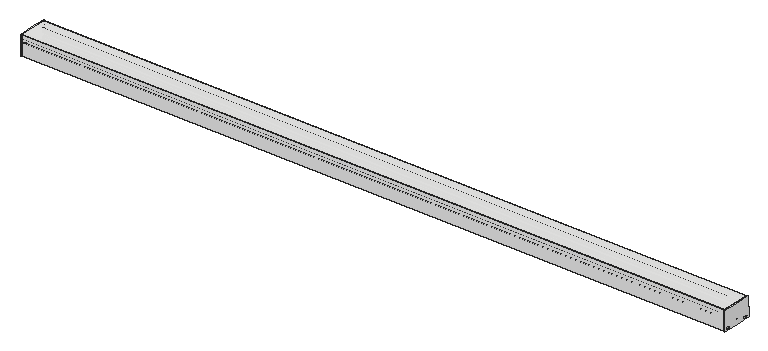
Revit family "S4930 updated", category Lighting Fixtures, host Face, Revit 2020 (continued)
Definition of nested family "DFD3_3000K"
  Parameters (values of type "DFD3")
    Wattage Comments = "4.4 W/FT"
    Watt [instance] = (4.4 W * Actual Light Length) / 12.0000"  # 8.6614 W
    Warranty URL = ""
    Voltage Comments = ""
    Version = "2020-v2.9"  # constant formula
    URL = ""
    Strip = none
    Rdwn [instance] = rounddown(L1 / Cutting Increment)  # 12
    Product Page URL = ""
    Product Name = " DFD3"  # constant formula
    Product Documentation Link = ""
    No of Source [instance] = rounddown(Actual Light Length / Cutting Increment)  # 12
    Model = ""
    Manufacturer Phone Number = "1-604-874-4405"  # constant formula
    Manufacturer Email = ""
    Manufacturer Address = "111 - 8838 Heatner St. Vancouver. BC, Canada. V6P 3S8"  # constant formula
    Manufacturer = "BL Lighting"  # constant formula
    Lumens [instance] = 98 lm/W * Watt  # 848.817 lm
    Lumen Output = "419 lm/FT"
    Light source Placement [instance] = Actual Light Length / 2  # 11.8110"
    Light Length [instance] = 24.0000"
    Lens Material = none
    Lamp Life = "50,000 Hours"
    Lamp = ""
    LED = none
    L1 [instance] = if(Light Length < Cutting Increment, Cutting Increment, Light Length)  # 24.0000"
    Instruction Sheet Link = ""
    Initial Color Option Available = ""
    Finish = none
    Description = "Flexible,Linear LED Strip Lighting"  # constant formula
    Default Elevation = 0.0000"
    D = 0.07812"
    Cutting Increment [instance] = 1.9685"  # constant formula
    Copyright = "©BL INNOVATIVE LIGHTING"  # constant formula
    BL flexFORM Dot-Free D3_1 [instance] = not([BL flexFORM Dot-Free D3])  # no
    BL flexFORM Dot-Free D3 [instance] = if(No of Source < 2, 1 = 0, 1 = 1)  # yes
    Actual No Of Source [instance] = if(No of Source < 2, 2, No of Source)  # 12
    Actual Light Length [instance] = Rdwn * Cutting Increment  # 23.6220"
    A = 0.3900"
  Reference planes (in)
    plane 1 "Center (Front/Back)": y = 0
    plane 2: z = 0
    plane 3 "Center (Left/Right)": x = 0
    plane 4: x = 23.622
    plane 5: y = 18.35094
    plane 6: x = 11.811
    plane 7: z = -0.33465
    plane 8: y = 18.54594
    plane 9: y = 18.15594
    plane 10: x = 1.9685
    plane 11: z = 0.07813
  Dimensions and locks (in)
    "Actual Light Length": plane 4 to plane 3 "Center (Left/Right)"
    "Actual Light Length": plane 3 "Center (Left/Right)" to plane 4
    plane 6 to plane 4 = 11.8110"
    "Light source Placement": plane 6 to plane 4
    locked: plane 1 "Center (Front/Back)" to plane 5 at 18.35094
    locked: level to plane 7 at 0.33465
    "A": plane 8 to plane 9
    equal spacing: plane 8, plane 5, plane 9
    "Cutting Increment": plane 3 "Center (Left/Right)" to plane 10
    locked: plane 10 to plane 3 "Center (Left/Right)" at 1.97
    "D": plane 11 to plane 2
    equal spacing: group 1, group 2, group 3, group 4, group 5, group 6, group 7, group 8, group 9, group 10, group 11, group 12  (x3)
    aligned and locked: level to plane 2
    aligned and locked: nested 1 to plane 2
    aligned and locked: nested 1 to plane 10
    aligned and locked: plane 3 "Center (Left/Right)" to nested 1
    aligned and locked: plane 10 to nested 1
    aligned and locked: plane 10 to nested 2
    aligned and locked: plane 3 "Center (Left/Right)" to nested 3
    aligned and locked: nested 3 to plane 2
    aligned and locked: nested 3 to plane 5
  Nested families (in)
    nested 1: "Increment strip 5" at (0, 18.35094, 0), Height <- "D", Increment <- "Cutting Increment", Width <- "A", LED <- "LED", Strip <- "Strip", BL flexFORM Dot-Free D3 <- "BL flexFORM Dot-Free D3", visible <- "BL flexFORM Dot-Free D3", type "Increment strip 5"
      with Width 0.3900", Strip none, LED none, Increment 1.9685", Height 0.07812", BL flexFORM Dot-Free D3 yes
    nested 2: "Increment strip 5" at (1.9685, 18.35094, 0), Height <- "D", Increment <- "Cutting Increment", Width <- "A", LED <- "LED", Strip <- "Strip", BL flexFORM Dot-Free D3 <- "BL flexFORM Dot-Free D3", visible <- "BL flexFORM Dot-Free D3", type "Increment strip 5"
      with Width 0.3900", Strip none, LED none, Increment 1.9685", Height 0.07812", BL flexFORM Dot-Free D3 yes
    nested 3: "Increment strip 5" at (0, 18.35094, 0), LED <- "LED", Strip <- "Strip", Height <- "D", Increment <- "Cutting Increment", Width <- "A", BL flexFORM Dot-Free D3 <- "BL flexFORM Dot-Free D3_1", visible <- "BL flexFORM Dot-Free D3_1", type "Increment strip 5"
      with Width 0.3900", Strip none, LED none, Increment 1.9685", Height 0.07812", BL flexFORM Dot-Free D3 no
    nested 4: "Increment strip 5" at (3.937, 18.35094, 0), Height <- "D", Increment <- "Cutting Increment", Width <- "A", LED <- "LED", Strip <- "Strip", BL flexFORM Dot-Free D3 <- "BL flexFORM Dot-Free D3", visible <- "BL flexFORM Dot-Free D3", type "Increment strip 5"
      with Width 0.3900", Strip none, LED none, Increment 1.9685", Height 0.07812", BL flexFORM Dot-Free D3 yes
    nested 5: "Increment strip 5" at (5.9055, 18.35094, 0), Height <- "D", Increment <- "Cutting Increment", Width <- "A", LED <- "LED", Strip <- "Strip", BL flexFORM Dot-Free D3 <- "BL flexFORM Dot-Free D3", visible <- "BL flexFORM Dot-Free D3", type "Increment strip 5"
      with Width 0.3900", Strip none, LED none, Increment 1.9685", Height 0.07812", BL flexFORM Dot-Free D3 yes
    nested 6: "Increment strip 5" at (7.874, 18.35094, 0), Height <- "D", Increment <- "Cutting Increment", Width <- "A", LED <- "LED", Strip <- "Strip", BL flexFORM Dot-Free D3 <- "BL flexFORM Dot-Free D3", visible <- "BL flexFORM Dot-Free D3", type "Increment strip 5"
      with Width 0.3900", Strip none, LED none, Increment 1.9685", Height 0.07812", BL flexFORM Dot-Free D3 yes
    nested 7: "Increment strip 5" at (9.8425, 18.35094, 0), Height <- "D", Increment <- "Cutting Increment", Width <- "A", LED <- "LED", Strip <- "Strip", BL flexFORM Dot-Free D3 <- "BL flexFORM Dot-Free D3", visible <- "BL flexFORM Dot-Free D3", type "Increment strip 5"
      with Width 0.3900", Strip none, LED none, Increment 1.9685", Height 0.07812", BL flexFORM Dot-Free D3 yes
    nested 8: "Increment strip 5" at (11.811, 18.35094, 0), Height <- "D", Increment <- "Cutting Increment", Width <- "A", LED <- "LED", Strip <- "Strip", BL flexFORM Dot-Free D3 <- "BL flexFORM Dot-Free D3", visible <- "BL flexFORM Dot-Free D3", type "Increment strip 5"
      with Width 0.3900", Strip none, LED none, Increment 1.9685", Height 0.07812", BL flexFORM Dot-Free D3 yes
    nested 9: "Increment strip 5" at (13.7795, 18.35094, 0), Height <- "D", Increment <- "Cutting Increment", Width <- "A", LED <- "LED", Strip <- "Strip", BL flexFORM Dot-Free D3 <- "BL flexFORM Dot-Free D3", visible <- "BL flexFORM Dot-Free D3", type "Increment strip 5"
      with Width 0.3900", Strip none, LED none, Increment 1.9685", Height 0.07812", BL flexFORM Dot-Free D3 yes
    nested 10: "Increment strip 5" at (15.748, 18.35094, 0), Height <- "D", Increment <- "Cutting Increment", Width <- "A", LED <- "LED", Strip <- "Strip", BL flexFORM Dot-Free D3 <- "BL flexFORM Dot-Free D3", visible <- "BL flexFORM Dot-Free D3", type "Increment strip 5"
      with Width 0.3900", Strip none, LED none, Increment 1.9685", Height 0.07812", BL flexFORM Dot-Free D3 yes
    nested 11: "Increment strip 5" at (17.7165, 18.35094, 0), Height <- "D", Increment <- "Cutting Increment", Width <- "A", LED <- "LED", Strip <- "Strip", BL flexFORM Dot-Free D3 <- "BL flexFORM Dot-Free D3", visible <- "BL flexFORM Dot-Free D3", type "Increment strip 5"
      with Width 0.3900", Strip none, LED none, Increment 1.9685", Height 0.07812", BL flexFORM Dot-Free D3 yes
    nested 12: "Increment strip 5" at (19.685, 18.35094, 0), Height <- "D", Increment <- "Cutting Increment", Width <- "A", LED <- "LED", Strip <- "Strip", BL flexFORM Dot-Free D3 <- "BL flexFORM Dot-Free D3", visible <- "BL flexFORM Dot-Free D3", type "Increment strip 5"
      with Width 0.3900", Strip none, LED none, Increment 1.9685", Height 0.07812", BL flexFORM Dot-Free D3 yes
    nested 13: "Increment strip 5" at (21.6535, 18.35094, 0), Height <- "D", Increment <- "Cutting Increment", Width <- "A", LED <- "LED", Strip <- "Strip", BL flexFORM Dot-Free D3 <- "BL flexFORM Dot-Free D3", visible <- "BL flexFORM Dot-Free D3", type "Increment strip 5"
      with Width 0.3900", Strip none, LED none, Increment 1.9685", Height 0.07812", BL flexFORM Dot-Free D3 yes
  Definition of nested family "Increment strip 5"
    Parameters (values of type "Increment strip 5")
      Width [instance] = 0.39062"
      Strip [instance] = none
      LED [instance] = none
      Increment [instance] = 1.9700"
      Height [instance] = 0.07812"
      Default Elevation = 0.0000"
      BL flexFORM Dot-Free D3 [instance] = yes
    Reference planes (in)
      plane 1 "Center (Front/Back)": y = 0
      plane 2: z = 0
      plane 3 "Center (Left/Right)": x = 0
      plane 4: x = 1.97
      plane 5: y = -0.19531
      plane 6: y = 0.19531
      plane 7: x = 0.15625
      plane 8: x = 1.78125
      plane 9: z = 0.07812
    Forms (in)
      Sweep 1, solid, material <- "Strip", visible <- "BL flexFORM Dot-Free D3"
        path origin (0, 0, 0) x (1, 0, 0) y (0, 1, 0)
          loop
            line (1.97, 0) -> (0, 0)
        profile origin (0.985, 0, 0) x (0, -1, 0) y (0, 0, 1)
          loop
            line (-0.19531, 0.03937) -> (-0.19531, 0) -> (0.19531, 0) -> (0.19531, 0.03937) -> (-0.19531, 0.03937)
      Extrusion 2, solid, material <- "LED", visible <- "BL flexFORM Dot-Free D3"
        sketch origin (0, 0, 0.247) x (1, 0, 0) y (0, 1, 0)
          loop
            line (0, 0.11457) -> (0, -0.11457) -> (1.97, -0.11457) -> (1.97, 0.11457) -> (0, 0.11457)
        from -0.20763 to -0.16887
    Dimensions and locks (in)
      "Increment": plane 3 "Center (Left/Right)" to plane 4
      equal spacing: plane 5, plane 1 "Center (Front/Back)", plane 6
      "Width": plane 5 to plane 6
      equal spacing: Extrusion 2, plane 1 "Center (Front/Back)", Extrusion 2
      "Height": plane 9 to plane 2
      aligned and locked: plane 2 to level
      aligned and locked: Sweep 1 sketch curve to plane 1 "Center (Front/Back)"
      aligned and locked: plane 3 "Center (Left/Right)" to Sweep 1 sketch curve
      aligned and locked: plane 4 to Sweep 1 sketch curve
      aligned and locked: plane 6 to Sweep 1 sketch curve
      aligned and locked: Sweep 1 sketch curve to plane 5
      aligned and locked: Extrusion 2 to Sweep 1
      aligned and locked: Extrusion 2 to plane 9
    Automatic sketch dimensions
      level to Sweep 1 sketch curve = 0.03937"
      Sweep 1 sketch curve to level = 0.0000"
      Extrusion 2 sketch curve to plane 3 "Center (Left/Right)" = 0.0000"
      Extrusion 2 sketch curve to plane 4 = 0.0000"
      plane 1 "Center (Front/Back)" to Extrusion 2 sketch curve = 0.11457"
      Extrusion 2 sketch curve to plane 1 "Center (Front/Back)" = 0.11457"
Definition of nested family "DFD6_2700K"
  Parameters (values of type "DFD6")
    Wattage Comments = "6 W/FT"
    Watt [instance] = (6 W * Actual Light Length) / 12.0000"  # 17.7165 W
    Warranty URL = "https://bllighting.com/terms-and-conditions/"
    Voltage Comments = ""
    Version = "2020-v2.9"  # constant formula
    URL = "https://bllighting.com/"
    Support Email = "mailto:info@canvascom.com"
    Strip = none
    Rdwn [instance] = rounddown(L1 / Cutting Increment)  # 18
    Product Page URL = "https://bllighting.com/our-products/bl-flexform-dot-free-d2/#BL%20flexFORM%20Dot-Free%20D2++%23BL%20flexFORM%20Dot-Free%20D2++"
    Product Name = "D6"  # constant formula
    Product Documentation Link = "https://bllighting.com/wp-content/uploads/DFD2-Specification.pdf"
    No of Source [instance] = rounddown(Actual Light Length / Cutting Increment)  # 18
    Model = "Dot-Free D6"
    Manufacturer Phone Number = "1-604-874-4405"  # constant formula
    Manufacturer Email = "info@bllighting.com"
    Manufacturer Address = "111 - 8838 Heatner St. Vancouver. BC, Canada. V6P 3S8"  # constant formula
    Manufacturer = "BL Lighting"  # constant formula
    Lumens [instance] = 94 lm/W * Watt  # 1665.35 lm
    Lumen Output = "564 lm/FT"
    Light source Placement [instance] = Actual Light Length / 2  # 17.7165"
    Light Length [instance] = 36.0000"
    Lens Material = none
    Lamp Life = "50,000 Hours"
    Lamp = ""
    LED = none
    L1 [instance] = if(Light Length < Cutting Increment, Cutting Increment, Light Length)  # 36.0000"
    Initial Color Option Available = ""
    Finish = none
    Description = "Flexible,Linear LED Strip Lighting"  # constant formula
    Default Elevation = 0.0000"
    DFD6_1 [instance] = not(DFD6)  # no
    DFD6 [instance] = if(No of Source < 2, 1 = 0, 1 = 1)  # yes
    D = 0.07812"
    Cutting Increment [instance] = 1.9685"  # constant formula
    Copyright = "©BL INNOVATIVE LIGHTING"  # constant formula
    Actual No Of Source [instance] = if(No of Source < 2, 2, No of Source)  # 18
    Actual Light Length [instance] = Rdwn * Cutting Increment  # 35.4330"
    A = 0.3900"
  Reference planes (in)
    plane 1 "Center (Front/Back)": y = 0
    plane 2: z = 0
    plane 3 "Center (Left/Right)": x = 0
    plane 4: x = 35.433
    plane 5: y = 18.35094
    plane 6: x = 17.7165
    plane 7: z = -0.33465
    plane 8: y = 18.54594
    plane 9: y = 18.15594
    plane 10: x = 1.9685
    plane 11: z = 0.07813
  Dimensions and locks (in)
    "Actual Light Length": plane 4 to plane 3 "Center (Left/Right)"
    "Actual Light Length": plane 3 "Center (Left/Right)" to plane 4
    plane 6 to plane 4 = 17.7165"
    "Light source Placement": plane 6 to plane 4
    locked: plane 1 "Center (Front/Back)" to plane 5 at 18.35094
    locked: level to plane 7 at 0.33465
    "A": plane 8 to plane 9
    equal spacing: plane 8, plane 5, plane 9
    "Cutting Increment": plane 3 "Center (Left/Right)" to plane 10
    locked: plane 10 to plane 3 "Center (Left/Right)" at 1.97
    "D": plane 11 to plane 2
    equal spacing: group 1, group 2, group 3, group 4, group 5, group 6, group 7, group 8, group 9, group 10, group 11, group 12, group 13, group 14, group 15, group 16, group 17, group 18  (x3)
    aligned and locked: level to plane 2
    aligned and locked: plane 3 "Center (Left/Right)" to nested 1
    aligned and locked: nested 1 to plane 2
    aligned and locked: nested 1 to plane 5
    aligned and locked: nested 2 to plane 5
    aligned and locked: plane 3 "Center (Left/Right)" to nested 2
    aligned and locked: nested 2 to plane 2
    aligned and locked: plane 10 to nested 3
    aligned and locked: nested 3 to plane 5
  Nested families (in)
    nested 1: "Increment strip 5" at (0, 18.35094, 0), LED <- "LED", Strip <- "Strip", Height <- "D", Increment <- "Cutting Increment", Width <- "A", visible <- "DFD6_1", Strip Name <- "DFD6_1", type "Increment strip 5"
      with Width 0.3900", Strip Name no, Strip none, LED none, Increment 1.9685", Height 0.07812"
    nested 2: "Increment strip 5" at (0, 18.35094, 0), visible <- "DFD6", LED <- "LED", Strip <- "Strip", Height <- "D", Increment <- "Cutting Increment", Width <- "A", Strip Name <- "DFD6", type "Increment strip 5"
      with Width 0.3900", Strip Name yes, Strip none, LED none, Increment 1.9685", Height 0.07812"
    nested 3: "Increment strip 5" at (1.9685, 18.35094, 0), visible <- "DFD6", LED <- "LED", Strip <- "Strip", Height <- "D", Increment <- "Cutting Increment", Width <- "A", Strip Name <- "DFD6", type "Increment strip 5"
      with Width 0.3900", Strip Name yes, Strip none, LED none, Increment 1.9685", Height 0.07812"
    nested 4: "Increment strip 5" at (3.937, 18.35094, 0), visible <- "DFD6", LED <- "LED", Strip <- "Strip", Height <- "D", Increment <- "Cutting Increment", Width <- "A", Strip Name <- "DFD6", type "Increment strip 5"
      with Width 0.3900", Strip Name yes, Strip none, LED none, Increment 1.9685", Height 0.07812"
    nested 5: "Increment strip 5" at (5.9055, 18.35094, 0), visible <- "DFD6", LED <- "LED", Strip <- "Strip", Height <- "D", Increment <- "Cutting Increment", Width <- "A", Strip Name <- "DFD6", type "Increment strip 5"
      with Width 0.3900", Strip Name yes, Strip none, LED none, Increment 1.9685", Height 0.07812"
    nested 6: "Increment strip 5" at (7.874, 18.35094, 0), visible <- "DFD6", LED <- "LED", Strip <- "Strip", Height <- "D", Increment <- "Cutting Increment", Width <- "A", Strip Name <- "DFD6", type "Increment strip 5"
      with Width 0.3900", Strip Name yes, Strip none, LED none, Increment 1.9685", Height 0.07812"
    nested 7: "Increment strip 5" at (9.8425, 18.35094, 0), visible <- "DFD6", LED <- "LED", Strip <- "Strip", Height <- "D", Increment <- "Cutting Increment", Width <- "A", Strip Name <- "DFD6", type "Increment strip 5"
      with Width 0.3900", Strip Name yes, Strip none, LED none, Increment 1.9685", Height 0.07812"
    nested 8: "Increment strip 5" at (11.811, 18.35094, 0), visible <- "DFD6", LED <- "LED", Strip <- "Strip", Height <- "D", Increment <- "Cutting Increment", Width <- "A", Strip Name <- "DFD6", type "Increment strip 5"
      with Width 0.3900", Strip Name yes, Strip none, LED none, Increment 1.9685", Height 0.07812"
    nested 9: "Increment strip 5" at (13.7795, 18.35094, 0), visible <- "DFD6", LED <- "LED", Strip <- "Strip", Height <- "D", Increment <- "Cutting Increment", Width <- "A", Strip Name <- "DFD6", type "Increment strip 5"
      with Width 0.3900", Strip Name yes, Strip none, LED none, Increment 1.9685", Height 0.07812"
    nested 10: "Increment strip 5" at (15.748, 18.35094, 0), visible <- "DFD6", LED <- "LED", Strip <- "Strip", Height <- "D", Increment <- "Cutting Increment", Width <- "A", Strip Name <- "DFD6", type "Increment strip 5"
      with Width 0.3900", Strip Name yes, Strip none, LED none, Increment 1.9685", Height 0.07812"
    nested 11: "Increment strip 5" at (17.7165, 18.35094, 0), visible <- "DFD6", LED <- "LED", Strip <- "Strip", Height <- "D", Increment <- "Cutting Increment", Width <- "A", Strip Name <- "DFD6", type "Increment strip 5"
      with Width 0.3900", Strip Name yes, Strip none, LED none, Increment 1.9685", Height 0.07812"
    nested 12: "Increment strip 5" at (19.685, 18.35094, 0), visible <- "DFD6", LED <- "LED", Strip <- "Strip", Height <- "D", Increment <- "Cutting Increment", Width <- "A", Strip Name <- "DFD6", type "Increment strip 5"
      with Width 0.3900", Strip Name yes, Strip none, LED none, Increment 1.9685", Height 0.07812"
    nested 13: "Increment strip 5" at (21.6535, 18.35094, 0), visible <- "DFD6", LED <- "LED", Strip <- "Strip", Height <- "D", Increment <- "Cutting Increment", Width <- "A", Strip Name <- "DFD6", type "Increment strip 5"
      with Width 0.3900", Strip Name yes, Strip none, LED none, Increment 1.9685", Height 0.07812"
    nested 14: "Increment strip 5" at (23.622, 18.35094, 0), visible <- "DFD6", LED <- "LED", Strip <- "Strip", Height <- "D", Increment <- "Cutting Increment", Width <- "A", Strip Name <- "DFD6", type "Increment strip 5"
      with Width 0.3900", Strip Name yes, Strip none, LED none, Increment 1.9685", Height 0.07812"
    nested 15: "Increment strip 5" at (25.5905, 18.35094, 0), visible <- "DFD6", LED <- "LED", Strip <- "Strip", Height <- "D", Increment <- "Cutting Increment", Width <- "A", Strip Name <- "DFD6", type "Increment strip 5"
      with Width 0.3900", Strip Name yes, Strip none, LED none, Increment 1.9685", Height 0.07812"
    nested 16: "Increment strip 5" at (27.559, 18.35094, 0), visible <- "DFD6", LED <- "LED", Strip <- "Strip", Height <- "D", Increment <- "Cutting Increment", Width <- "A", Strip Name <- "DFD6", type "Increment strip 5"
      with Width 0.3900", Strip Name yes, Strip none, LED none, Increment 1.9685", Height 0.07812"
    nested 17: "Increment strip 5" at (29.5275, 18.35094, 0), visible <- "DFD6", LED <- "LED", Strip <- "Strip", Height <- "D", Increment <- "Cutting Increment", Width <- "A", Strip Name <- "DFD6", type "Increment strip 5"
      with Width 0.3900", Strip Name yes, Strip none, LED none, Increment 1.9685", Height 0.07812"
    nested 18: "Increment strip 5" at (31.496, 18.35094, 0), visible <- "DFD6", LED <- "LED", Strip <- "Strip", Height <- "D", Increment <- "Cutting Increment", Width <- "A", Strip Name <- "DFD6", type "Increment strip 5"
      with Width 0.3900", Strip Name yes, Strip none, LED none, Increment 1.9685", Height 0.07812"
    nested 19: "Increment strip 5" at (33.4645, 18.35094, 0), visible <- "DFD6", LED <- "LED", Strip <- "Strip", Height <- "D", Increment <- "Cutting Increment", Width <- "A", Strip Name <- "DFD6", type "Increment strip 5"
      with Width 0.3900", Strip Name yes, Strip none, LED none, Increment 1.9685", Height 0.07812"
  Definition of nested family "Increment strip 5"
    Parameters (values of type "Increment strip 5")
      Width [instance] = 0.39062"
      Strip Name [instance] = yes
      Strip [instance] = none
      LED [instance] = none
      Increment [instance] = 1.96875"
      Height [instance] = 0.07812"
      Default Elevation = 0.0000"
    Reference planes (in)
      plane 1 "Center (Front/Back)": y = 0
      plane 2: z = 0
      plane 3 "Center (Left/Right)": x = 0
      plane 4: x = 1.96875
      plane 5: y = -0.19531
      plane 6: y = 0.19531
      plane 7: x = 0.15625
      plane 8: x = 1.78125
      plane 9: z = 0.07812
    Forms (in)
      Sweep 1, solid, material <- "Strip", visible <- "Strip Name"
        path origin (0, 0, 0) x (1, 0, 0) y (0, 1, 0)
          loop
            line (1.96875, 0) -> (0, 0)
        profile origin (0.98438, 0, 0) x (0, -1, 0) y (0, 0, 1)
          loop
            line (-0.19531, 0.03937) -> (-0.19531, 0) -> (0.19531, 0) -> (0.19531, 0.03937) -> (-0.19531, 0.03937)
      Extrusion 2, solid, material <- "LED", visible <- "Strip Name"
        sketch origin (0, 0, 0.247) x (1, 0, 0) y (0, 1, 0)
          loop
            line (0, 0.11457) -> (0, -0.11457) -> (1.96875, -0.11457) -> (1.96875, 0.11457) -> (0, 0.11457)
        from -0.20763 to -0.16887
    Dimensions and locks (in)
      "Increment": plane 3 "Center (Left/Right)" to plane 4
      equal spacing: plane 5, plane 1 "Center (Front/Back)", plane 6
      "Width": plane 5 to plane 6
      equal spacing: Extrusion 2, plane 1 "Center (Front/Back)", Extrusion 2
      "Height": plane 9 to plane 2
      aligned and locked: plane 2 to level
      aligned and locked: Sweep 1 sketch curve to plane 1 "Center (Front/Back)"
      aligned and locked: plane 3 "Center (Left/Right)" to Sweep 1 sketch curve
      aligned and locked: plane 4 to Sweep 1 sketch curve
      aligned and locked: plane 6 to Sweep 1 sketch curve
      aligned and locked: Sweep 1 sketch curve to plane 5
      aligned and locked: Extrusion 2 to Sweep 1
      aligned and locked: Extrusion 2 to plane 9
    Automatic sketch dimensions
      level to Sweep 1 sketch curve = 0.03937"
      Sweep 1 sketch curve to level = 0.0000"
      Extrusion 2 sketch curve to plane 3 "Center (Left/Right)" = 0.0000"
      Extrusion 2 sketch curve to plane 4 = 0.0000"
      plane 1 "Center (Front/Back)" to Extrusion 2 sketch curve = 0.11457"
      Extrusion 2 sketch curve to plane 1 "Center (Front/Back)" = 0.11457"
Types (5): name | Wattage Comments | Product Name | Number of LED's | Model | Max Input Current | Lumen Output | Lamp | LED Tape Page URL | LED Tape Documentation link | DFD6 | DFD3 | DFD2 | D6 | D2 | Color Option Available | CCT | Apparent Load
  209 lm per FT & 3.0 W per FT- D2 | "3W/FT" | "D2" | "36 Diodes/FT" | "D2" | "5A" | "209 lm/FT" | "SMD 3528" | "https://bllighting.com/products/led-tape/d2" | "https://bllighting.com/wp-content/uploads/D2-Specification.pdf" | no | no | no | no | yes | "2400K,2700K,3000K,3500K,4000K,5500K,RED,GREEN,BLUE,AMBER" | "2400K,2700K,3000K,3500K,4000K,5500K,RED,GREEN,BLUE,AMBER" | 120 VA
  258 lm per FT & 2.44 W per FT- DFD2 | "2.44W/FT" | "DFD2" | "146 Diodes/FT" | "DFD2" | "4A" | "258 lm/FT" | 0.0000" | "https://bllighting.com/products/led-tape/dfd2" | "https://bllighting.com/wp-content/uploads/DFD2-Specification.pdf" | no | no | yes | no | no | "2400K,2700K,3000K,3500K,4000K" | "2400K,2700K,3000K,3500K,4000K" | 96 VA
  419 lm per FT & 4.4 W per FT- DFD3 | "4.4W/FT" | "DFD3" | "146 Diodes/FT" | "DFD3" | "4A" | "419 lm/FT" | 0.0000" | "https://bllighting.com/products/led-tape/dfd3" | "https://bllighting.com/wp-content/uploads/DFD3-Specification.pdf" | no | yes | no | no | no | "2400K,2700K,3000K,3500K,4000K" | "2400K,2700K,3000K,3500K,4000K" | 96 VA
  564 lm per FT & 6.0 W per FT- DFD6 | "6W/FT" | "DFD6" | "146 Diodes/FT" | "DFD6" | "4A" | "564 lm/FT" | 0.0000" | "https://bllighting.com/products/led-tape/dfd6" | "https://bllighting.com/wp-content/uploads/DFD6-Specification.pdf" | yes | no | no | no | no | "2700K,3000K,3500K,4000K" | "2700K,3000K,3500K,4000K" | 96 VA
  643 lm per FT & 5.85 W per FT- D6 | "5.85W/FT" | "D6" | "48 Diodes/FT" | "D6" | "5A" | "643 lm/FT" | "SMD 2835" | "https://bllighting.com/products/led-tape/d6" | "https://bllighting.com/wp-content/uploads/D6-Specification.pdf" | no | no | no | yes | no | "2700K,3000K,3500K,4000K" | "2700K,3000K,3500K,4000K" | 120 VA
